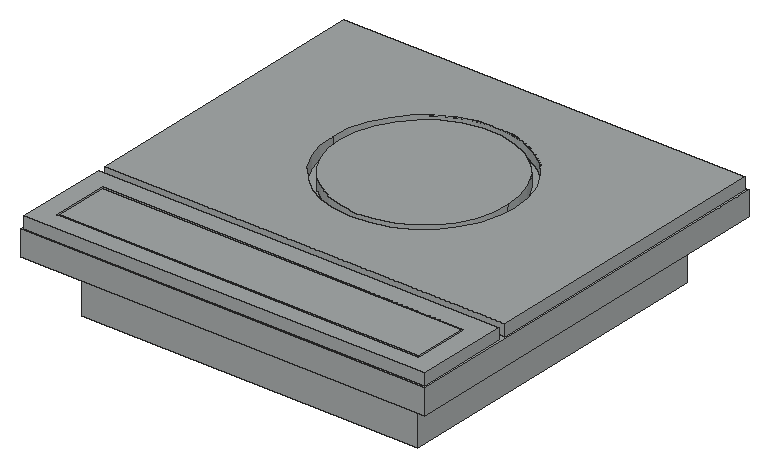
Revit family "Gira_5565902", category Electrical Fixtures, host Face, Revit 2017
Family settings
  Host = Face
  Maintain Annotation Orientation = Yes
  Round Connector Dimension = Use Diameter
  Part Type = Normal
  Cut with Voids When Loaded = No
  Shared = No
  Room Calculation Point = No
Parameters (values of type "Door st.mod. System 106 traffic white(lac.)")
  Width = "0.1065"
  URL = "http://katalog.gira.de/en/datenblatt.html?artikelnr=5565902"
  Number of bell buttons = "1"
  Name = "Door st.mod. System 106 traffic white(lac.)"
  Model = "Sys106_Abdeckung_Schalten und Tasten"
  Manufacturer URL = "https://www.gira.de/"
  Manufacturer = "Gira"
  Installation technique = "Bus system"
  HeinzeBIM = "https://bimportal.heinze.de/bim/door-st-mod-system-106-traffic-white-lac-/48749221f3c6fd50671d1fcd66ef1da0db4cfbec"
  Height = "0.1065"
  HAN = "5565902"
  GTIN = "4010337022466"
  Edelstahl [instance] = Edelstahl
  Description = "Door st.mod. S106 TWl,System 106 door station module,,Traffic white (laquered),The Gira System 106 is an installation system made of metal in a puristic and elegant frameless design, based on basic measurements of 106.5 × 106.5 mm. With the modular door intercom in Gira System 106, hospitality begins even before you reach the front door. All the functions are presented in a harmonious overall appearance, from the call button module, intercom module, and camera module, up to the info and blank module. In the dark, backlit call buttons with inscription space ensure good legibility and an attractive appearance.,,Individually adaptable modular system, The System 106 can be used in family homes or apartment buildings, as well as in office buildings, industrial properties, and hotels. The modular design enables the system's size, design, and functionality to be individually adapted to the respective requirements. Expansions and changes are possible at any time by easily exchanging the modules.,With this system, it is also possible to exchange the fronts only. This means that the appearance of the system can be changed from e.g. traffic white to a stainless steel surface at a later stage, without having to exchange the electronic units.,,High-quality materials,The modules are frameless with design fronts made of genuine materials, available in two brushed stainless steel versions (V2A and V4A), anodised aluminium C-0, and a metal alloy lacquered in traffic white (RAL 9016): all robust materials which ensure durability. The camera and DIN 18040 display module feature a black glass cover.,,Easy and phased installation,The system can be installed in phases, in parallel to the progress of building work. In this way, it is possible to initially install only the lower part of a surface-mounted housing during construction of the shell; cables and modules can then be added when they are needed.,,Individual inscription options,Call button modules and info modules can be labelled individually via the Gira inscription service.,,Features:,- Compact intercom module with integrated call button for communication between indoors and outdoors.,- A high-quality microphone and weather-resistant speaker ensure clear communication.,- Power supply via 2-wire bus. Additional connector for AS (e.g. required for three or more camera modules).,- All other System 106 modules (except intercom module) are supplied with power via the door station module.,,Notes :,- Professional labelling with the Gira Inscription Service www.marking.gira.com."
  Default Elevation = 1219.2 mm
  Data sheet (1) = "https://katalog.gira.de/en/download.html?artikelnr=5565902"
  Colour = "White"
  Category = "Functional module for door communication"
  BIM (1) = "https://media.stage.bim.site/public/gira/36a6b08/Sys106_Abdeckung_Schalten und Tasten.rfa?public/gira/36a6b08/Sys106_Abdeckung_Schalten und Tasten.rfa"
  Available = "No"
Reference planes
  plane 1 "Center (Front/Back)": y = 0
  plane 2 "Reference Level 0": z = 0
  plane 3 "Center (Left/Right)": x = 0
  plane 4 "Reference Level 1": z = 9.5
Forms (mm)
  Extrusion 1, solid, material "Edelstahl" <- "Edelstahl", detail levels coarse
    sketch origin (0, 0, 0) x (1, 0, 0) y (0, 1, 0)
      loop
        line (-53, 53) -> (-53, -53) -> (53, -53) -> (53, 53) -> (-53, 53)
    from -14.7 to 9.5
  Extrusion 2, solid, material "Edelstahl" <- "Edelstahl", detail levels fine
    sketch origin (0, 0, 0) x (1, 0, 0) y (0, 1, 0)
      loop
        line (52.5, -28) -> (-52.5, -28) -> (-52.5, -52.5) -> (52.5, -52.5) -> (52.5, -28)
      loop
        line (-47.5, -48) -> (47.5, -48) -> (47.5, -33) -> (-47.5, -33) -> (-47.5, -48)
    from 6.5 to 9.5
  Extrusion 3, solid, material "Edelstahl" <- "Edelstahl", detail levels fine
    sketch origin (0, 0, 0) x (1, 0, 0) y (0, 1, 0)
      loop
        line (-52.5, 52.5) -> (-52.5, -26) -> (52.5, -26) -> (52.5, 52.5) -> (-52.5, 52.5)
      loop
        circle (0, 13) r 24
    from 6.5 to 9.5
  Extrusion 4, solid, material "Edelstahl" <- "Edelstahl", detail levels medium+fine
    sketch origin (0, 0, 0) x (1, 0, 0) y (0, 1, 0)
      loop
        line (-53, 53) -> (-53, -53) -> (53, -53) -> (53, 53) -> (-53, 53)
    from 0 to 6.5
  Extrusion 5, solid, material "Edelstahl" <- "Edelstahl", detail levels fine
    sketch origin (0, 0, 0) x (1, 0, 0) y (0, 1, 0)
      loop
        line (-44, 44) -> (-44, -44) -> (44, -44) -> (44, 44) -> (-44, 44)
    from -14.7 to 0
  Extrusion 6, solid, material "Edelstahl" <- "Edelstahl", detail levels fine
    sketch origin (0, 0, 0) x (1, 0, 0) y (0, 1, 0)
      loop
        circle (0, 13) r 22
    from 6.5 to 9.5
  Extrusion 7, solid, material "Edelstahl" <- "Edelstahl", detail levels fine
    sketch origin (0, 0, 0) x (1, 0, 0) y (0, 1, 0)
      loop
        line (-47, -33.5) -> (-47, -47.5) -> (47, -47.5) -> (47, -33.5) -> (-47, -33.5)
    from 6.5 to 9.5
  Extrusion 8, solid, material "Edelstahl" <- "Edelstahl", detail levels medium
    sketch origin (0, 0, 0) x (1, 0, 0) y (0, 1, 0)
      loop
        line (-52.5, 52.5) -> (-52.5, -26) -> (52.5, -26) -> (52.5, 52.5) -> (-52.5, 52.5)
      loop
        line (-52.5, -28) -> (-52.5, -52.5) -> (52.5, -52.5) -> (52.5, -28) -> (-52.5, -28)
    from 6.5 to 9.5
  Extrusion 9, solid, material "Edelstahl" <- "Edelstahl", detail levels medium
    sketch origin (0, 0, 0) x (1, 0, 0) y (0, 1, 0)
      loop
        circle (0, 13) r 24
      loop
        line (-47.5, -33) -> (-47.5, -48) -> (47.5, -48) -> (47.5, -33) -> (-47.5, -33)
    from 6.5 to 9.5
Dimensions and locks
  aligned and locked: plane 2 "Reference Level 0" to host face
  aligned and locked: level to host face
  aligned and locked: Extrusion 4 to host face
  aligned and locked: Extrusion 4 to level
  aligned and locked: level to Extrusion 5
  aligned and locked: level to Extrusion 4
  aligned and locked: Extrusion 4 to plane 2 "Reference Level 0"
  aligned and locked: plane 2 "Reference Level 0" to Extrusion 5
  aligned and locked: plane 3 "Center (Left/Right)" to nested 1
  aligned and locked: plane 1 "Center (Front/Back)" to nested 1
Nested families
  nested 1: "Schalter" at (0, 0, 0), type "Schalter"
Connectors
  electrical at (0, 0, -14.7)
    settings: on Extrusion 5, index 1, voltage 220 V, apparent load 0 VA, apparent load phase1 0 VA, apparent load phase2 0 VA, apparent load phase3 0 VA, power factor 1, load classification "Other", number of poles 1, system type 30, power factor state 1, is connector primary yes, connector utility no, sub classification motor no, connector description ""
Definition of nested family "Schalter"
  Reference planes
    plane 1: y = 0
    plane 2: x = 0
  Lines and regions (mm)
    detail lines
      curve 1: circle (1.375, 2.778, 0) r 0.8 normal (0, 0, 1)
      curve 2: line (1.021, 2.061, 0) -> (0, 0, 0)
      curve 3: line (0, 0, 0) -> (-0.538, 0.266, 0)
  Dimensions and locks
    curve 2 to curve 2 = 2.3 mm
    curve 3 to curve 2 = 0.6 mm
    radius of curve 1 = 0.8 mm
